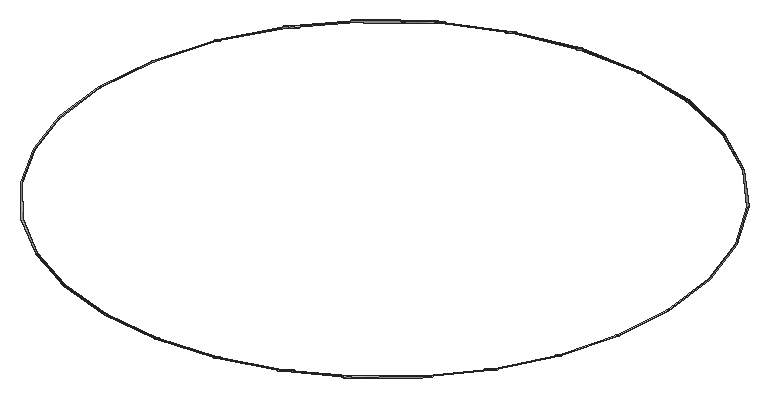
Revit family "1L", category Modelos genéricos, Revit 2016
Family settings
  Tipo de pieza = Normal
  Puede alojar armadura = No
  Cota de conector redondo = Diámetro de uso
  Se basa en plano de trabajo = No
  Siempre vertical = Sí
  Corte con vacíos al cargar = No
  Compartido = No
  Punto de cálculo de habitación = No
Parameters
  R1 [instance] = 1400 mm
  R2 = 2.5 mm
Reference planes
  plane 1 "Centro (Frontal/Posterior)": y = 0
  plane 2: z = 0
  plane 3 "Centro (Izquierda/Derecha)": x = 0
Forms (mm)
  Sweep 1, solid
    path in 3D
      loop
        arc (-1400, 0, 0) -> (0, -1400, 0) -> (1400, 0, 0) r 1400
        arc (1400, 0, 0) -> (0, 1400, 0) -> (-1400, 0, 0) r 1400
    profile origin (0, 1400, 0) x (0, -1, 0) y (0, 0, 1)
      loop
        circle (0, 0) r 2.5
Lines and regions (mm)
  reference lines
    curve 1: circle (0, 0, 0) r 1400 normal (0, 0, 1)
  sketch lines
    curve 2: circle (0, 0, 0) r 1400 normal (0, 0, 1)
Dimensions and locks
  "R1": radius of curve 1
  "R2": radius of Sweep 1 sketch curve
  aligned and locked: level to plane 2
Automatic sketch dimensions
  plane 1 "Centro (Frontal/Posterior)" to curve 1 = 0 mm
  curve 1 to plane 3 "Centro (Izquierda/Derecha)" = 0 mm
  Sweep 1 sketch curve to profile plane = 0 mm  (x2)
